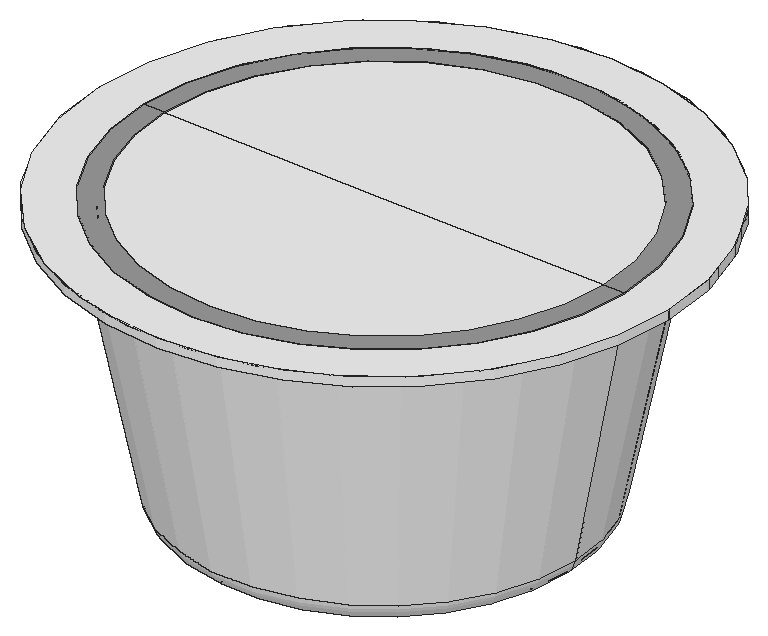
Revit family "2060699", category Lighting Fixtures, host Face, Revit 2018
Family settings
  Host = Face
  Round Connector Dimension = Use Diameter
  Part Type = Normal
  OmniClass Number = 23.80.70.11.17
  OmniClass Title = Specialized Lighting by Location or Use
  Cut with Voids When Loaded = No
  Light Source = Yes
  Shared = No
  Room Calculation Point = No
Parameters (values of type "2060699 ASC100 II ARCH 940 3K IP65 DALI EMG 160")
  WidthBezelAcc_SYL = 25.0 mm
  Weight = "n/a"
  Wattage = 7 W
  WarrantyStartDate [instance] = "n/a"
  WarrantyGuarantorParts = "n/a"
  WarrantyDurationUnit = "n/a"
  WarrantyDurationParts = ""
  WarrantyDescription = "http://www.sylvania-lighting.com"
  built-in parameter 1150110 = 1 (stored number, unit not read)
  Voltage = 0 V
  VisibilityAccessory_SYL = no
  TypeName = "ASCENT 100 II ARCH 940 3K IP65 DALI EMG 160"
  built-in parameter 1114217 = 1 (stored number, unit not read)
  Tilt Angle = -90°
  built-in parameter 1150109 = 1 (stored number, unit not read)
  built-in parameter 1150134 = (empty or 0)
  built-in parameter 1150113 = 1 (stored number, unit not read)
  SerialNumber [instance] = "n/a"
  ReflectorRadius_SYL = Radius_SYL - 14.5 mm  # 80.0 mm
  RadiusAcc_SYL = 104.5 mm
  Radius_SYL = 94.5 mm
  URL = "0.95"
  PowerFactor = 0
  PowerConsumption = "Lighting"
  Photometric Web File = "2060699.ies"
  NominalWidth = 0.0 mm
  NominalLength = 209.0 mm
  NominalHeight = 94.0 mm
  Name = "ASCENT 100 II ARCH 940 3K IP65 DALI EMG 160"
  ModelReference = "ASCENT 100 II ARCH 940 3K IP65 DALI EMG 160"
  ModelNumber = "2060699"
  Material_4_SYL = none
  Material_3_SYL = Polycarbonate_Sylvania_Ascent_Opal
  Material_2_SYL = Aluminium_Sylvania_Ascent_Silver
  Material_1_SYL = Aluminum_Sylvania_Ascent_White
  Material = "Feilo Sylvania"
  ManufacturerName = "104 lm/W"
  LuminousEfficacy = ""
  built-in parameter 1150105 = 76.872 (stored number, unit not read)
  Lumens = 966 lm
  LuminaireType = "0"
  built-in parameter 1150115 = 1 (stored number, unit not read)
  LightOutputRatio = "LED"
  built-in parameter 1150137 = (empty or 0)
  built-in parameter 1150139 = (empty or 0)
  LampsType = Lamp  # "n/a"
  LampNominalLuminous = "3000 K"
  LampMacAdamStep = "80"
  LampColourTemperature = "LED"
  LampColourRenderingIndex = "16500"
  built-in parameter 1150112 = 1 (stored number, unit not read)
  built-in parameter 1150114 = 1 (stored number, unit not read)
  Keynote = "n/a"
  InstallationDate [instance] = "n/a"
  InputVoltage = "0"
  InputNominalFrequency = "3000"
  built-in parameter 1150132 = (empty or 0)
  built-in parameter 1150102 = (empty or 0)
  built-in parameter 1150107 = 3000 (stored number, unit not read)
  built-in parameter 1150138 = (empty or 0)
  IngressProtection = "IfcLightFixtureType"
  ImpactProtectionIndex = "IfcLightFixtureType"
  built-in parameter 1150106 = 0.76872 (stored number, unit not read)
  IfcExportType = "IfcLightFixtureType"
  IfcExportAs = "Class II"
  HeightAcc_SYL = 7.0 mm
  Height = 96.0 mm
  ExpectedLife = 50000
  EmittionSurface_SYL = if(VisibilityAccessory_SYL, 7.0 mm, 3.0 mm)  # 3.0 mm
  Emit from Circle Diameter = DiffuserRadius_SYL * 2  # 146.0 mm
  Emit Shape Visible in Rendering = no
  ElectricShockClassification = "104"
  built-in parameter 1150104 = 12.821 (stored number, unit not read)
  DurationUnit = "hours"
  DocumentationLiterature = "http://www.sylvania-lighting.com/product/en-int/products/2060699"
  DimmingControlOptions = "n/a"
  Dimming Lamp Color Temperature Shift = <None>
  DiffuserRadius_SYL = ReflectorRadius_SYL - 7.0 mm  # 73.0 mm
  Diameter_SYL = 2 * Radius_SYL  # 189.0 mm
  CutoutDiameter_SYL = Diameter_SYL - 13.0 mm  # 176.0 mm
  CreatedOn = "08/06/2021"
  CreatedBy = "@sylvania-lighting.com"
  Color Filter = 16777215
  built-in parameter 1114216 [instance] = 1 (stored number, unit not read)
  Model = "ASCENT 100 II ARCH 940 3K IP65 DALI EMG 160"
  Manufacturer = ""
  Lamp = "n/a"
  Description = "Direct LED retro fit for original LED 100 Arch (160) single CFL lamp offering Matching lumen levels and improved light distribution of original LED 100 CFL lamp equivalents Typically half the power consumption compared to CFL Up to 112lm/W 160mm aperture Architectural reflector accepts range of glass accessories from existing LED 100 Arch 160 offering HE, HO and VHO versions equivalent of single 1 x 18W, 1 x 32W, 1 x 42W\r\n Additional VVHO versions which offer the performance circa 2 x 32W equivalent"  # constant formula
  Default Elevation = 0.0 mm
  built-in parameter 1140040 [instance] = 1
  BarCode [instance] = "n/a"
  built-in parameter 1114218 = 1 (stored number, unit not read)
  built-in parameter 1150133 = 10 (stored number, unit not read)
  AssetType = "Fixed"
  AssetIdentifier [instance] = "n/a"
  Assembly Code = "D5020200"
  Apparent Load = 9 VA
  Aperture_SYL = 2 * ReflectorRadius_SYL  # 160.0 mm
Reference planes
  plane 1 "Center (Front/Back)": y = 0
  plane 2: z = 0
  plane 3 "Center (Left/Right)": x = 0
  plane 4 "Fixture Bottom": z = 3
  plane 5: z = -52.5
  plane 6 "Fixture Top": z = -89
  plane 7: x = -104.5
  plane 8: z = 7
  plane 9: x = -79.5
  plane 10: z = 5
  plane 11: x = -102.5
Forms (mm)
  Extrusion 1, solid, material "Aluminum_Sylvania_Ascent_White", detail levels fine
    sketch origin (0, 0, 0) x (1, 0, 0) y (0, 1, 0)
      loop
        circle (0, 0) r 94.5
      loop
        circle (0, 0) r 80
    from 0 to 3
  Extrusion 2, void
    sketch origin (0, 0, 0) x (1, 0, 0) y (0, 1, 0)
      loop
        circle (0, 0) r 88
    from -89 to 3
  Revolve 3, solid, material "Aluminum_Sylvania_Ascent_White" <- "Material_1_SYL", detail levels fine
    sketch origin (0, 0, 0) x (1, 0, 0) y (0, 0, 1)
      loop
        line (0, -89.073) -> (0, -87.023) -> (-55.468, -87.014)
        arc (-55.468, -87.014) -> (-59.352, -85.613) -> (-61.54, -82.139) r 6.307
        line (-61.54, -82.139) -> (-77.991, -2.838) -> (-77.991, 0) -> (-80, 0) -> (-80, -3) -> (-63.5, -82.536)
        arc (-63.5, -82.536) -> (-60.643, -87.203) -> (-55.5, -89.073) r 8.291
        line (-55.5, -89.073) -> (0, -89.073)
      axis (0, 0) -> (0, -89.073)
    angle from 0 to 360
  Revolve 4, solid, material "Aluminium_Sylvania_Ascent_Silver" <- "Material_2_SYL", detail levels fine
    sketch origin (0, 0, 0) x (1, 0, 0) y (0, 0, 1)
      loop
        line (-80, 3) -> (-80, 0) -> (-75, 0)
        arc (-75, 0) -> (-72.349, -26.77) -> (-64.5, -52.5) r 136.5
        line (-64.5, -52.5) -> (-58, -52.5)
        arc (-58, -52.5) -> (-56.857, -61.521) -> (-53.5, -69.971) r 36.166
        line (-53.5, -69.971) -> (0, -69.971) -> (0, -50.5) -> (-63.16, -50.5)
        arc (-63.16, -50.5) -> (-70.517, -25.725) -> (-73, 0) r 134.5
        line (-73, 0) -> (-73, 3) -> (-80, 3)
      axis (0, 3) -> (0, -69.971)
    angle from 0 to 360
  Revolve 5, solid, material "Aluminum_Sylvania_Ascent_White" <- "Material_1_SYL", detail levels medium+fine
    sketch origin (0, 0, 0) x (1, 0, 0) y (0, 0, 1)
      loop
        line (0, -89.073) -> (0, 3) -> (-94.5, 3) -> (-94.5, 0) -> (-79.5, 0) -> (-79.5, -3) -> (-63, -82.536)
        arc (-63, -82.536) -> (-60.143, -87.203) -> (-55, -89.073) r 8.291
        line (-55, -89.073) -> (0, -89.073)
      axis (0, 3) -> (0, -89.073)
    angle from 0 to 360
  Revolve 6, solid, material "Aluminum_Sylvania_Ascent_White" <- "Material_1_SYL", visible <- "VisibilityAccessory_SYL", detail levels medium+fine
    sketch origin (0, 0, 0) x (1, 0, 0) y (0, 0, 1)
      loop
        line (-104.5, 0) -> (-102.5, 0) -> (-102.5, 5) -> (-79.5, 5) -> (-79.5, 7) -> (-104.5, 7) -> (-104.5, 0)
      axis (0, 7) -> (0, 0)
    angle from 0 to 360
  Extrusion 7, solid, detail levels coarse
    sketch origin (0, 0, 0) x (1, 0, 0) y (0, 0, 1)
      loop
        line (104.421, 7) -> (-104.5, 7) -> (-104.5, -89) -> (104.421, -89) -> (104.421, 7)
    from -104.368 to 104.563
Lines and regions (mm)
  reference lines
    curve 1: line (-149.5, 0, 3) -> (125, 0, 3)
Dimensions and locks
  locked: plane 4 "Fixture Bottom" to plane 2 at 3
  "ReflectorRadius_SYL": plane 3 "Center (Left/Right)" to Revolve 4 sketch curve
  locked: Revolve 4 sketch curve to Revolve 4 sketch curve at 15.5
  locked: Revolve 4 sketch curve to Revolve 4 sketch curve at 5
  locked: Revolve 4 sketch curve to Revolve 4 sketch curve at 7
  locked: Revolve 4 sketch curve to Revolve 4 sketch curve at 22
  locked: Revolve 4 sketch curve to Revolve 4 sketch curve at 26.5
  locked: Revolve 3 sketch curve to Revolve 3 sketch curve at 16.5
  locked: Revolve 3 sketch curve to Revolve 3 sketch curve at 24.5
  "ReflectorRadius_SYL": Revolve 3 sketch curve to plane 3 "Center (Left/Right)"
  locked: Revolve 3 sketch curve to plane 6 "Fixture Top" at 6.464
  locked: plane 2 to Revolve 3 sketch curve at 3
  locked: Revolve 3 sketch curve to Revolve 3 sketch curve at 2
  locked: Revolve 3 sketch curve to Revolve 3 sketch curve at 2.009
  locked: plane 2 to plane 5 at 52.5
  locked: Revolve 5 sketch curve to Revolve 5 sketch curve at 31.5
  locked: Revolve 5 sketch curve to Revolve 5 sketch curve at 39.5
  locked: Revolve 5 sketch curve to Revolve 5 sketch curve at 15
  "Radius_SYL": plane 3 "Center (Left/Right)" to Revolve 5 sketch curve
  "RadiusAcc_SYL": plane 3 "Center (Left/Right)" to plane 7
  "HeightAcc_SYL": plane 8 to level
  locked: plane 7 to plane 11 at 2
  locked: plane 8 to plane 10 at 2
  "Height": plane 6 "Fixture Top" to plane 8
  "CutoutDiameter_SYL": diameter of Extrusion 2 sketch curve
  "ReflectorRadius_SYL": radius of Extrusion 1 sketch curve
  "Radius_SYL": radius of Extrusion 1 sketch curve
  aligned and locked: host face to plane 2
  aligned and locked: host face to level
  aligned and locked: plane 4 "Fixture Bottom" to Extrusion 1
  aligned and locked: Extrusion 1 to plane 2
  aligned and locked: Revolve 3 sketch curve to plane 3 "Center (Left/Right)"
  aligned and locked: Revolve 4 sketch curve to plane 3 "Center (Left/Right)"  (x2)
  aligned and locked: plane 4 "Fixture Bottom" to Revolve 4 sketch curve
  aligned and locked: plane 2 to Revolve 3 sketch curve  (x2)
  aligned and locked: Revolve 5 sketch curve to plane 3 "Center (Left/Right)"
  aligned and locked: plane 6 "Fixture Top" to Extrusion 2
  aligned and locked: Revolve 6 sketch curve to plane 3 "Center (Left/Right)"
  aligned and locked: host face to Revolve 6 sketch curve  (x2)
  aligned and locked: Revolve 6 sketch curve to plane 7
  aligned and locked: plane 8 to Revolve 6 sketch curve
  aligned and locked: plane 9 to Revolve 6 sketch curve
  aligned and locked: Revolve 6 sketch curve to plane 10
  aligned and locked: plane 11 to Revolve 6 sketch curve
  aligned and locked: plane 3 "Center (Left/Right)" to imposter light
  aligned and locked: imposter light to plane 1 "Center (Front/Back)"
  aligned and locked: imposter light to curve 1
Automatic sketch dimensions
  plane 1 "Center (Front/Back)" to Extrusion 2 sketch curve = 0.0 mm
  Extrusion 2 sketch curve to plane 3 "Center (Left/Right)" = 0.0 mm
  Extrusion 1 sketch curve to Extrusion 1 sketch curve = 0.0 mm  (x2)
  plane 1 "Center (Front/Back)" to Extrusion 1 sketch curve = 0.0 mm
  Extrusion 1 sketch curve to plane 3 "Center (Left/Right)" = 0.0 mm
  plane 6 "Fixture Top" to Revolve 3 sketch curve = 0.073 mm
  Revolve 3 sketch curve to plane 6 "Fixture Top" = 6.861 mm
  Revolve 3 sketch curve to Revolve 3 sketch curve = 0.003 mm
  Revolve 3 sketch curve to Revolve 3 sketch curve = 0.009 mm  (x2)
  Revolve 3 sketch curve to Revolve 3 sketch curve = 0.023 mm
  Revolve 3 sketch curve to Revolve 3 sketch curve = 0.072 mm
  Revolve 3 sketch curve to Revolve 3 sketch curve = 0.008 mm
  Revolve 3 sketch curve to plane 6 "Fixture Top" = 1.977 mm
  Revolve 3 sketch curve to Revolve 3 sketch curve = 33.496 mm
  Revolve 3 sketch curve to Revolve 3 sketch curve = 0.028 mm
  plane 4 "Fixture Bottom" to Revolve 3 sketch curve = 82.431 mm
  Revolve 4 sketch curve to Revolve 4 sketch curve = 0.0 mm  (x2)
  Revolve 4 sketch curve to plane 5 = 0.0 mm
  Revolve 4 sketch curve to level = 0.0 mm
  plane 5 to Revolve 4 sketch curve = 2.0 mm
  plane 4 "Fixture Bottom" to Revolve 4 sketch curve = 9.642 mm
  Revolve 4 sketch curve to level = 69.971 mm
  Revolve 4 sketch curve to Revolve 4 sketch curve = 2.387 mm
  Revolve 5 sketch curve to level = 0.0 mm
  Revolve 5 sketch curve to plane 3 "Center (Left/Right)" = 0.0 mm
  Revolve 5 sketch curve to Revolve 5 sketch curve = 8.104 mm
  Revolve 5 sketch curve to level = 3.0 mm
  Revolve 5 sketch curve to plane 6 "Fixture Top" = 6.464 mm
  plane 6 "Fixture Top" to Revolve 5 sketch curve = 0.073 mm
  Revolve 5 sketch curve to Revolve 5 sketch curve = 33.496 mm
  plane 4 "Fixture Bottom" to Revolve 5 sketch curve = 82.431 mm
  host sketch curve to host sketch curve = 1704.996 mm
  host sketch curve to host sketch curve = 1500.0 mm
  plane 6 "Fixture Top" to Revolve 6 sketch curve = 281.274 mm
  Revolve 6 sketch curve to plane 8 = 1140.706 mm
  Revolve 3 sketch curve to plane 3 "Center (Left/Right)" = 0.0 mm
  Revolve 5 sketch curve to plane 4 "Fixture Bottom" = 0.0 mm
  plane 7 to curve 1 = 45.0 mm
  plane 3 "Center (Left/Right)" to curve 1 = 125.0 mm
  curve 1 to plane 4 "Fixture Bottom" = 0.0 mm
  plane 7 to Extrusion 7 sketch curve = 0.0 mm
  Extrusion 7 sketch curve to plane 6 "Fixture Top" = 0.0 mm
  Extrusion 7 sketch curve to plane 8 = 0.0 mm
  plane 3 "Center (Left/Right)" to Extrusion 7 sketch curve = 104.421 mm
Connectors
  electrical at (0, 0, -89.073), driven by "Apparent Load"
    settings: on Revolve 3, index 1, voltage 240 V, apparent load 0 VA, apparent load phase1 9 VA, apparent load phase2 0 VA, apparent load phase3 0 VA, power factor 1, load classification "Lighting", number of poles 1, system type 31, power factor state 1, is connector primary yes, connector utility no, sub classification motor no, connector description ""
